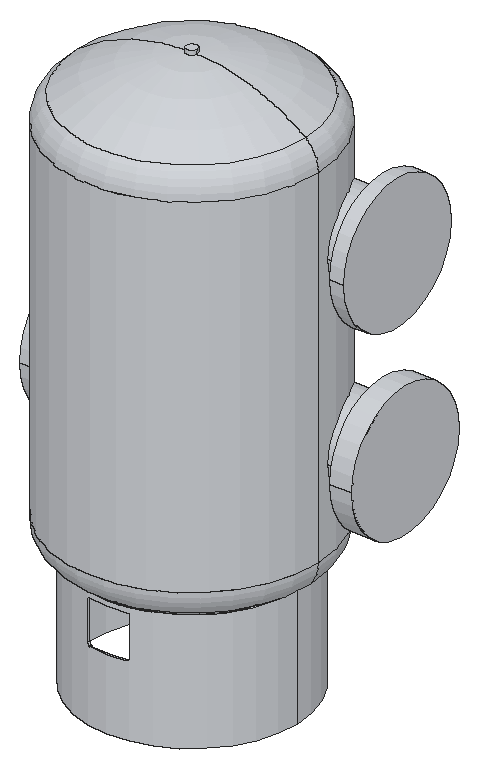
Revit family
Parameters (values of type "12-AS 125# W.P.")
  Weight = "908 lbs"
  Top to Inlet = 20.938"
  Top Connection Radius = 0.375"
  Top Connection Diameter = Top Connection Radius * 2  # 0.750"
  Tank Height = 80.500"
  Tangential = yes
  Tank Height Less Stand = 67.875"
  Tank Diameter = 36.000"
  Pipe Location off CL = 7.750"
  Outlet Pipe Flange Conn. Radius = Outlet Pipe Flange Conn / 2  # 6.000"
  Outlet Pipe Flange Conn = 12.000"
  Model = "12\"-AS"
  Pressure Drop = ".78"
  Max Operating Temp = "350 DEG F"
  Max Operating Pressure = "125 PSI"
  Manufacturer = "Amtrol"
  Inlet CL to Outlet CL = 26.000"
  Inlet Pipe Flange Conn = 12.000"
  Inlet Pipe Flange Conn. Radius = Inlet Pipe Flange Conn / 2  # 6.000"
  Flow (GPM) = "2100"
  Flange to Flange Height = 46.000"
  CL to Outlet Flange = 23.000"
  Bottom Connection Radius = Bottom Connection Diameter / 2  # 0.375"
  Bottom Connection Diameter = 0.750"
  ASME = yes
Types (3): name | Weight | Max Operating Pressure
  (no name) | "908 lbs" | "125 PSI"
  12-AS 125# W.P. | "908 lbs" | "125 PSI"
  12-AS 150# W.P. 10 BAR | "1150 lbs" | "150 PSI"
Reference planes (in)
  plane 1 "Center (Front/Back)": y = 0
  plane 2: z = 0
  plane 3 "Center (Left/Right)": x = 0
Forms (in)
  Revolve 1, solid
    sketch origin (0, 0, 0) x (1, 0, 0) y (0, 0, 1)
      loop
        arc (0, 0.5) -> (8.56909, 1.97143) -> (16.23242, 6.07845) r 27.125
        arc (16.23242, 6.07845) -> (17.53294, 7.65936) -> (17.99856, 9.65281) r 4.5
        line (17.99856, 9.65281) -> (17.99856, 59.30286)
        arc (17.99856, 59.30286) -> (17.54519, 61.38796) -> (16.18226, 63.0298) r 4.5
        arc (16.18226, 63.0298) -> (8.52182, 67.00629) -> (0, 68.375) r 27.125
        line (0, 68.375) -> (0, 0.5)
      axis (0, 0.5) -> (0, 68.375)
    angle from 0 to 360
  Extrusion 2, solid
    sketch origin (0, 0, 4.33383) x (0, 1, 0) y (0, 0, 1)
      loop
        circle (7.75, 43.09945) r 6
    from 2.04863 to 20.935
  Extrusion 3, solid
    sketch origin (1.78583, 0, 18.02222) x (0, 1, 0) y (0, 0, 1)
      loop
        circle (7.75, 3.41156) r 6
    from -22.72083 to 19.14917
  Extrusion 4, solid
    sketch origin (6.40684, 0, 8.25512) x (0, 1, 0) y (0, 0, 1)
      loop
        circle (7.75, 39.17816) r 9.5
    from 14.52816 to 16.59316
  Extrusion 5, solid
    sketch origin (0, 0, 0.63219) x (0, 1, 0) y (0, 0, 1)
      loop
        circle (7.75, 20.80159) r 9.5
    from -20.935 to -23
  Sweep 6, solid
    path origin (-0.01606, 0, 38.68978) x (1, 0, 0) y (0, 0, 1)
      loop
        line (0, 29.6815) -> (0, 30.1875)
    profile origin (-0.01606, 0, 68.62428) x (-1, 0, 0) y (0, -1, 0)
      loop
        circle (0, 0) r 0.75
  Sweep 7, solid
    path origin (0, 0, 0) x (1, 0, 0) y (0, 0, 1)
      loop
        line (0, 0) -> (0, 0.5538)
    profile origin (0, 0, 0.2769) x (-1, 0, 0) y (0, -1, 0)
      loop
        circle (0, 0) r 0.75
  Extrusion 8, solid
    sketch origin (0, 0, 0) x (0, 1, 0) y (0, 0, 1)
      loop
        circle (7.75, 21.43378) r 9.5
    from 24.10028 to 20.935
  Extrusion 9, solid
    sketch origin (0, 0, 0) x (1, 0, 0) y (0, 1, 0)
      loop
        circle (0, 0) r 15
      loop
        circle (0, 0) r 14.75
    from 5.14449 to -11.85551
  Extrusion 10, void
    sketch origin (0, 0, 0) x (1, 0, 0) y (0, 0, 1)
      loop
        line (-3, 4.39922) -> (-3, -1.28563)
        arc (-3, -1.28563) -> (-2.85355, -1.63919) -> (-2.5, -1.78563) r 0.5
        line (-2.5, -1.78563) -> (2.5, -1.78563)
        arc (2.5, -1.78563) -> (2.85355, -1.63919) -> (3, -1.28563) r 0.5
        line (3, -1.28563) -> (3, 4.39922) -> (-3, 4.39922)
    from 4.41095 to 19.03288
Cuts and joins
  Extrusion 10 cuts Sweep 7
  Extrusion 10 cuts Extrusion 9
Text (in)
  text "INLET" at (26.26038, 0, 52.66486), in view "Front"
  text "OUTLET" at (-34.14627, 0, 18.81542), in view "Front"
  text "STRAINER\n\nACCESS" at (33.4842, 0, 21.03146), in view "Front"
Dimensions and locks (in)
  "Pipe Location off CL": plane 1 "Center (Front/Back)" to Extrusion 2 sketch curve
  "Pipe Location off CL": plane 1 "Center (Front/Back)" to Extrusion 3 sketch curve
  "Pipe Location off CL": Extrusion 5 sketch curve to plane 1 "Center (Front/Back)"
  "Pipe Location off CL": Extrusion 4 sketch curve to plane 1 "Center (Front/Back)"
  "CL to Outlet Flange": Extrusion 5 to plane 3 "Center (Left/Right)"
  "Top to Inlet": Sweep 6 to Extrusion 4 sketch curve
  "Top to Inlet": Sweep 6 to Extrusion 2 sketch curve
  locked: Sweep 6 to Extrusion 5 sketch curve at 46.9375
  locked: Sweep 6 to Extrusion 8 sketch curve at 46.9375
  locked: Sweep 6 to Extrusion 3 sketch curve at 46.9375
  "Pipe Location off CL": plane 1 "Center (Front/Back)" to Extrusion 8 sketch curve
  locked: Revolve 1 sketch curve to level at 0.5
  locked: Revolve 1 sketch curve to Revolve 1 sketch curve at 17.99856
  Revolve 1 sketch curve to Revolve 1 sketch curve = 22.625"
  "Tank Height Less Stand": Revolve 1 sketch curve to Revolve 1 sketch curve
  radius of Revolve 1 sketch curve = 27.125"  (x2)
  radius of Revolve 1 sketch curve = 4.500"  (x2)
  aligned and locked: Extrusion 2 to Extrusion 4
  aligned and locked: Extrusion 3 to Extrusion 5
  aligned and locked: Extrusion 3 to Extrusion 2
  aligned and locked: Extrusion 2 to Extrusion 8
Automatic sketch dimensions
  Sweep 6 sketch curve to plane 3 "Center (Left/Right)" = 0.01606"
  Sweep 6 sketch curve to Sweep 6 sketch curve = 0.506"
  plane 1 "Center (Front/Back)" to Sweep 6 sketch curve = 0.000"
  Sweep 6 sketch curve to profile plane = 0.000"
  Sweep 7 sketch curve to plane 3 "Center (Left/Right)" = 0.000"
  Sweep 7 sketch curve to level = 0.000"
  level to Sweep 7 sketch curve = 0.5538"
  plane 1 "Center (Front/Back)" to Sweep 7 sketch curve = 0.000"
  Sweep 7 sketch curve to profile plane = 0.000"
  Extrusion 9 sketch curve to Extrusion 9 sketch curve = 0.000"  (x2)
  plane 1 "Center (Front/Back)" to Extrusion 9 sketch curve = 0.000"
  Extrusion 9 sketch curve to plane 3 "Center (Left/Right)" = 0.000"
  Extrusion 10 sketch curve to plane 3 "Center (Left/Right)" = 3.000"
  Extrusion 10 sketch curve to Extrusion 10 sketch curve = 0.500"  (x2)
  Extrusion 10 sketch curve to level = 1.28563"
  plane 3 "Center (Left/Right)" to Extrusion 10 sketch curve = 2.500"
  level to Extrusion 10 sketch curve = 4.39922"
  level to Sweep 6 sketch curve = 68.37128"
  plane 3 "Center (Left/Right)" to Revolve 1 sketch curve = 0.0142"
  Revolve 1 sketch curve to plane 3 "Center (Left/Right)" = 0.000"  (x2)
  Revolve 1 sketch curve to plane 3 "Center (Left/Right)" = 0.24666"
  Revolve 1 sketch curve to Revolve 1 sketch curve = 0.000"
  Revolve 1 sketch curve to Revolve 1 sketch curve = 1.81631"
  Revolve 1 sketch curve to Revolve 1 sketch curve = 0.0538"
  Revolve 1 sketch curve to Revolve 1 sketch curve = 7.61134"
  radius of Extrusion 2 sketch curve = 6.000"
  radius of Extrusion 3 sketch curve = 6.000"
  radius of Extrusion 4 sketch curve = 9.500"
  radius of Extrusion 5 sketch curve = 9.500"
  radius of Sweep 6 sketch curve = 0.750"
  radius of Sweep 7 sketch curve = 0.750"
  radius of Extrusion 8 sketch curve = 9.500"
  radius of Extrusion 9 sketch curve = 15.000"
  radius of Extrusion 9 sketch curve = 14.750"
Connectors (in)
  piping at (-0.01606, 0, 68.87728), driven by "Top Connection Radius"
    settings: on Sweep 6, index 3
  piping at (-23, 7.75, 21.43378), driven by "Outlet Pipe Flange Conn. Radius"
    settings: on Extrusion 5, index 4
  piping at (0, 0, 0), driven by "Bottom Connection Radius"
    settings: on Sweep 7, index 5
  piping at (23, 7.75, 47.43328), driven by "Inlet Pipe Flange Conn. Radius"
    settings: on Extrusion 4, index 6
